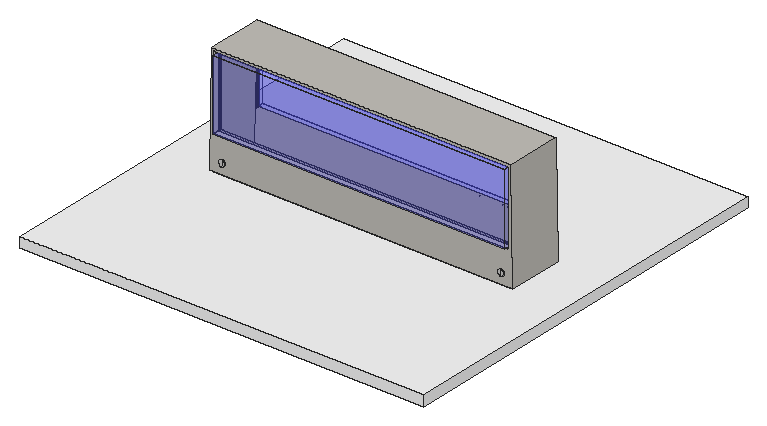
Revit family "BE_12278.4_de_DE", category Leuchten, Revit 2020
Family settings
  Basisbauteil = Fläche
  Bemaßung runder Anschluss = Durchmesser verwenden
  Teiletyp = Normal
  Beim Laden mit Abzugskörper schneiden = Ja
  Lichtquelle = Ja
  Gemeinsam genutzt = Nein
  Raumberechnungspunkt = Ja
Parameters (values of type "BEGA_12278.4_K3")
  built-in parameter 1150104 = 13.671 (stored number, unit not read)
  Wattage = 12.3 W
  Default Elevation = 0 mm
  built-in parameter 1150113 = 1 (stored number, unit not read)
  built-in parameter 1114218 = 1 (stored number, unit not read)
  Umgebungstemperatur = "25 °C"
  URL = "https://www.bega.com/de/produkt/12278.4"
  Typenkommentare = "© 2022 BEGA. Wir behalten uns das Recht vor, technische Änderungen ohne vorherige Ankündigung vorzunehmen."  # constant formula
  built-in parameter 1150134 = (empty or 0)
  built-in parameter 1150109 = 1 (stored number, unit not read)
  built-in parameter 1150110 = 1 (stored number, unit not read)
  Spannung = 239.996 V
  Sonderanfertigung = no
  Seriennummer [instance] = "Hier können Sie die eindeutige Seriennummer für das Facility Management eintragen."
  Schutzklasse = "I"
  Schutzart = "IP 20"
  Scheinlast = 0 VA
  Produktdatenblatt = "https://cdn.bega.com/bega/products/12278.4K3/current/documents/data-sheets/de"
  Oberflächentemperatur = ""
  Neigungswinkel = 0.00°
  Modell = "12278.4K3"
  Material_33 = BEGA_Oberfläche_Palladium_matt
  Material_11 = BEGA_Glas_opal
  Material_06 = BEGA_Oberfläche_Edelstahl_gebürstet
  Material_03 = BEGA_Oberfläche_Weiss_matt
  M_W = no
  M_G = no
  M_A = no
  Logo = 0
  built-in parameter 1114217 = 1 (stored number, unit not read)
  built-in parameter 1150139 = (empty or 0)
  built-in parameter 1150105 = 144.03 (stored number, unit not read)
  built-in parameter 1150114 = 1 (stored number, unit not read)
  Lumens = 1809.95 lm
  built-in parameter 1150115 = 1 (stored number, unit not read)
  Leuchtenlichtstrom = "1023 lm"
  Lebensdauerkriterien = "L70B50 @ 25 °C = 186000 h"
  Lastklassifizierung = Beleuchtung
  built-in parameter 1150112 = 1 (stored number, unit not read)
  Lampenlichtstrom = "1810 lm"
  Lampe = "LED 12.3 W"
  LED_Modulbezeichnung = "LED-0599/930"
  Hersteller = "BEGA"  # constant formula
  Gewicht = "1.6 kg"
  Frequenz = "0/50-60 Hz"
  Farbwiedergabeindex = "CRI > 90"
  Farbtemperaturverschiebung bei Dämpfen der Lampe = <Keine Auswahl>
  Farbtemperatur = "3000 K"
  Color Filter = 16777215
  built-in parameter 1150133 = 10 (stored number, unit not read)
  Energieeffizienzklasse = "LED A++ - A"
  built-in parameter 1150137 = (empty or 0)
  built-in parameter 1150132 = (empty or 0)
  ENEC = "ja"
  Dimmbar [instance] = "on/off"
  Datei für fotometrisches Netz = "BE_12278K3.IES"
  CE_Konformität = "ja"
  Bestellnummer = "12278.4K3"
  Beschreibung_Sonderanfertigung = "Hier können Sie Informationen zur Sonderanfertigung eintragen."
  Beschreibung = "Wandleuchte"
  built-in parameter 1150106 = 1.4403 (stored number, unit not read)
  Befestigungsbohrung = "Ø 4,5 mm"
  Befestigungsabstand = "276 mm"
  BEGA_Intern_aus = yes
  BEGA_Intern_an = yes
  BEGA_Intern_Konstruktion = yes
  BEGA_Intern = yes
  BEGA_IES = yes
  BEGA_Dummy = no
  Anschlussleistung [instance] = "15.4 W"
  built-in parameter 1150107 = 3000 (stored number, unit not read)
  built-in parameter 1150102 = (empty or 0)
  built-in parameter 1150138 = (empty or 0)
  Aktualisierung = "2022-11-10T04:00:03"
  AC/DC = "AC/DC"
Reference planes
  plane 1 "Mitte (Vorne/Hinten)": y = 0
  plane 2: z = 0
  plane 3 "Mitte (Links/Rechts)": x = 0
  plane 4 "Links": x = -150
  plane 5 "Rechts": x = 150
  plane 6 "Unten": y = -31.2
  plane 7 "Oben": y = 31.2
  plane 8 "Vorne": z = 110
  plane 9 "Hinten": z = 0
Forms (mm)
  Extrusion 1, solid, material "BEGA_Platte_Weiss"
    sketch origin (0, -1119.2, 0) x (1, 0, 0) y (0, 1, 0)
      loop
        line (-200, 1319.2) -> (-200, 919.2) -> (200, 919.2) -> (200, 1319.2) -> (-200, 1319.2)
    from 0 to -10
  Extrusion 2, solid, material "BEGA_Dummy_matt", visible <- "BEGA_Dummy"
    sketch origin (80.095, -76.023, 0) x (1, 0, 0) y (0, 1, 0)
      loop
        line (-230.095, 107.223) -> (-230.095, 44.823) -> (69.905, 44.823) -> (69.905, 107.223) -> (-230.095, 107.223)
    from 0 to 110
Dimensions and locks
  plane 1 "Mitte (Vorne/Hinten)" to Extrusion 1 = 200 mm
  aligned and locked: Extrusion 1 to plane 2
  aligned and locked: Extrusion 1 to level
Nested families
  nested 1: "BE_12278.4" at (0, 0, 0), type "BE_12278.4"
Connectors
  electrical at (0, 0, 0), driven by "Lastklassifizierung", driven by "Spannung", driven by "Scheinlast"
    settings: index 1, voltage 239.996 V, apparent load 0 VA, apparent load phase1 0 VA, apparent load phase2 0 VA, apparent load phase3 0 VA, power factor 1, load classification "Beleuchtung", number of poles 1, system type 31, power factor state 1, is connector primary yes, connector utility no, sub classification motor no, connector description ""
Definition of nested family "BE_12278.4"
  Parameters (values of type "BE_12278.4")
    Default Elevation = 1 mm
    URL = "http://www.bega.de/de/produkt"
    Type Comments = "© 2015 BEGA. Wir behalten uns das Recht vor, technische Änderungen ohne vorherige Ankündigung vorzunehmen. "  # constant formula
    Type Image = (empty or 0)
    Neigungswinkel_um_Z2 = 0.00°
    Neigungswinkel_um_Z1 = 0.00°
    Neigungswinkel_um_Y2 = 0.00°
    Neigungswinkel_um_Y1 = 0.00°
    Neigungswinkel_um_X2 = 0.00°
    Neigungswinkel_um_X1 = 0.00°
    Material_33 = none
    Material_11 = none
    Material_06 = none
    Material_03 = none
    M_W = yes
    M_G = yes
    M_A = yes
    Länge_Platte = 400 mm  # constant formula
    Höhe_Platte = -10 mm  # constant formula
    Manufacturer = "BEGA"  # constant formula
    Drehwinkel_um_Z2 = 0.00°
    Drehwinkel_um_Z1 = 0.00°
    Breite_Platte = 200 mm  # constant formula
  Reference planes
    plane 1 "Mitte (Oben/Unten)": y = 0
    plane 2: z = 0
    plane 3 "Mitte (Links/Rechts)": x = 0
    plane 4: z = 110
    plane 5: y = -31.2
    plane 6: y = 31.2
    plane 7: x = -150
    plane 8: z = 110
    plane 9: x = 150
  Forms (mm)
    Extrusion 1, solid, detail levels medium
      sketch origin (0, 0, 0) x (1, 0, 0) y (0, 1, 0)
        loop
          line (-200, 100) -> (-200, -100) -> (200, -100) -> (200, 100) -> (-200, 100)
      from 0 to -10 <- "Höhe_Platte"
    Extrusion 2, solid, material <- "Material_33", detail levels medium+fine
      sketch origin (0, 0, 0) x (1, 0, 0) y (0, 0, 1)
        loop
          line (-148.097, 110) -> (-150, 1) -> (-149, 1) -> (-146.951, 2.844) -> (-144.21, 107.5) -> (144.211, 107.5) -> (146.951, 2.844) -> (149, 1) -> (150, 1) -> (148.097, 110) -> (-148.097, 110)
      from -27.5 to 27.5
    Extrusion 3, solid, material <- "Material_33", detail levels medium+fine
      sketch origin (0, 0, 0) x (1, 0, 0) y (0, 0, 1)
        loop
          line (148.097, 110) -> (-148.097, 110) -> (-150, 1) -> (150, 1) -> (148.097, 110)
      from -27.5 to -23.02
    Extrusion 4, solid, material <- "Material_33", detail levels medium+fine
      sketch origin (0, 0, 0) x (1, 0, 0) y (0, 0, -1)
        loop
          line (148.097, -110) -> (150, -1) -> (-150, -1) -> (-148.097, -110) -> (148.097, -110)
      from -27.5 to -22.952
    Extrusion 5, void
      sketch origin (0, 0, 0) x (0, 1, 0) y (0, 0, 1)
        loop
          line (29.71, 104.057) -> (-30, 104.057) -> (-30, 37.397) -> (29.71, 37.397) -> (29.71, 104.057)
      from -142.436 to 142.436
    Extrusion 6, void
      sketch origin (0, 0, 0) x (1, 0, 0) y (0, 1, 0)
        loop
          circle (-95, 10) r 8
        loop
          circle (-75, 10) r 8
        loop
          arc (-140.25, -2.75) -> (-138, -5) -> (-135.75, -2.75) r 2.25
          line (-135.75, -2.75) -> (-135.75, 2.75)
          arc (-135.75, 2.75) -> (-138, 5) -> (-140.25, 2.75) r 2.25
          line (-140.25, 2.75) -> (-140.25, -2.75)
        loop
          arc (140.75, -2.25) -> (143, 0) -> (140.75, 2.25) r 2.25
          line (140.75, 2.25) -> (135.25, 2.25)
          arc (135.25, 2.25) -> (133, 0) -> (135.25, -2.25) r 2.25
          line (135.25, -2.25) -> (140.75, -2.25)
      from 0 to 4.5
    Extrusion 7, solid, material <- "Material_03", detail levels medium+fine
      sketch origin (0, 0, 0) x (0, 1, 0) y (0, 0, 1)
        loop
          line (27, 0) -> (27, 1) -> (24.5, 1)
          arc (24.5, 1) -> (23.923, 1.184) -> (23.557, 1.667) r 1
          arc (23.557, 1.667) -> (22.826, 2.633) -> (21.672, 3) r 2
          line (21.672, 3) -> (-21.672, 3)
          arc (-21.672, 3) -> (-22.826, 2.633) -> (-23.557, 1.667) r 2
          arc (-23.557, 1.667) -> (-23.923, 1.184) -> (-24.5, 1) r 1
          line (-24.5, 1) -> (-27, 1) -> (-27, 0) -> (-24.5, 0)
          arc (-24.5, 0) -> (-23.345, 0.367) -> (-22.614, 1.333) r 2
          arc (-22.614, 1.333) -> (-22.249, 1.816) -> (-21.672, 2) r 1
          line (-21.672, 2) -> (21.672, 2)
          arc (21.672, 2) -> (22.249, 1.816) -> (22.614, 1.333) r 1
          arc (22.614, 1.333) -> (23.345, 0.367) -> (24.5, 0) r 2
          line (24.5, 0) -> (27, 0)
      from -146.504 to 146.616
    Revolve 8, solid, material <- "Material_06", detail levels fine
      sketch origin (-138, 0, 0) x (0, 1, 0) y (0, 0, 1)
        loop
          line (-19.529, 10.861) -> (-19.477, 13.86) -> (-27.532, 14.001) -> (-27.584, 11.001) -> (-19.529, 10.861)
        axis (-19.529, 10.861) -> (-27.584, 11.001)
      angle from 0 to 360
    Sweep 9, void
      path origin (0, 0, 0) x (1, 0, 0) y (0, 0, 1)
        loop
          line (142.43, 104.057) -> (-142.43, 104.057) -> (-142.43, 37.397) -> (142.43, 37.397) -> (142.43, 104.057)
      profile origin (0, 0, 104.057) x (0, 0, -1) y (0, -1, 0)
        loop
          line (-1.878, 23.2) -> (21.239, 23.2) -> (21.239, 29.023) -> (-3.997, 29.023) -> (-1.878, 23.2)
    Extrusion 10, solid, material <- "Material_11", detail levels medium+fine
      sketch origin (0, 0, 0) x (0, 1, 0) y (0, 0, 1)
        loop
          line (31.2, 106) -> (23.2, 106) -> (23.2, 35.5) -> (31.2, 35.5) -> (31.2, 106)
      from -144.308 to 144.308
    Sweep 11, void
      path origin (0, 0, 0) x (1, 0, 0) y (0, 0, -1)
        loop
          line (142.43, -104.057) -> (142.43, -37.397) -> (-142.43, -37.397) -> (-142.43, -104.057) -> (142.43, -104.057)
      profile origin (0, 0, 104.057) x (0, 0, 1) y (0, 1, 0)
        loop
          line (1.878, 23.2) -> (3.997, 29.023) -> (-21.239, 29.023) -> (-21.239, 23.2) -> (1.878, 23.2)
    Extrusion 12, solid, material <- "Material_11", detail levels medium+fine
      sketch origin (0, 0, 0) x (0, -1, 0) y (0, 0, -1)
        loop
          line (31.2, -106) -> (31.2, -35.5) -> (23.2, -35.5) -> (23.2, -106) -> (31.2, -106)
      from -144.308 to 144.308
    Revolve 13, solid, material <- "Material_06", detail levels fine
      sketch origin (138, 0, 0) x (0, 1, 0) y (0, 0, -1)
        loop
          line (-19.529, -10.861) -> (-27.584, -11.001) -> (-27.532, -14.001) -> (-19.477, -13.86) -> (-19.529, -10.861)
        axis (-19.529, -10.861) -> (-27.584, -11.001)
      angle from 0 to 360
  Cuts and joins
    Extrusion 5, Sweep 9, Sweep 11 cuts Extrusion 2
    Extrusion 5, Sweep 9, Sweep 11 cuts Extrusion 3
    Extrusion 5, Sweep 9, Sweep 11 cuts Extrusion 4
    joined: Extrusion 2, Extrusion 3, Extrusion 4
    Extrusion 6 cuts Extrusion 7
  Dimensions and locks
    equal spacing: Extrusion 1 sketch curve, plane 3 "Mitte (Links/Rechts)", Extrusion 1 sketch curve
    equal spacing: Extrusion 1 sketch curve, plane 1 "Mitte (Oben/Unten)", Extrusion 1 sketch curve
    "Länge_Platte": Extrusion 1 sketch curve to Extrusion 1 sketch curve
    "Breite_Platte": Extrusion 1 sketch curve to Extrusion 1 sketch curve
    aligned and locked: plane 2 to Extrusion 1
    aligned and locked: level to Extrusion 1
  Automatic sketch dimensions
    Extrusion 2 sketch curve to plane 4 = 0 mm
    level to Extrusion 2 sketch curve = 1 mm  (x2)
    Extrusion 2 sketch curve to Extrusion 2 sketch curve = 1 mm  (x2)
    level to Extrusion 2 sketch curve = 2.844 mm  (x2)
    Extrusion 2 sketch curve to Extrusion 2 sketch curve = 2.048 mm  (x2)
    Extrusion 2 sketch curve to Extrusion 2 sketch curve = 3.887 mm  (x2)
    plane 4 to Extrusion 2 sketch curve = 2.5 mm
    Extrusion 3 sketch curve to plane 4 = 0 mm
    level to Extrusion 3 sketch curve = 1 mm
    Extrusion 4 sketch curve to plane 4 = 0 mm
    level to Extrusion 4 sketch curve = 1 mm
    plane 5 to Extrusion 5 sketch curve = 1.2 mm
    plane 6 to Extrusion 5 sketch curve = 1.49 mm
    level to Extrusion 5 sketch curve = 37.397 mm
    plane 4 to Extrusion 5 sketch curve = 5.943 mm
    plane 1 "Mitte (Oben/Unten)" to Extrusion 6 sketch curve = 0 mm
    plane 1 "Mitte (Oben/Unten)" to Extrusion 6 sketch curve = 2.75 mm
    Extrusion 6 sketch curve to Extrusion 6 sketch curve = 2.25 mm
    Extrusion 6 sketch curve to Extrusion 6 sketch curve = 20 mm
    plane 1 "Mitte (Oben/Unten)" to Extrusion 6 sketch curve = 2.25 mm
    Extrusion 6 sketch curve to Extrusion 6 sketch curve = 5.5 mm
    Extrusion 6 sketch curve to plane 1 "Mitte (Oben/Unten)" = 2.75 mm
    Extrusion 6 sketch curve to plane 1 "Mitte (Oben/Unten)" = 10 mm  (x2)
    Extrusion 7 sketch curve to Extrusion 7 sketch curve = 0 mm  (x12)
    Extrusion 7 sketch curve to level = 0 mm  (x2)
    level to Extrusion 7 sketch curve = 1 mm  (x4)
    plane 5 to Extrusion 7 sketch curve = 4.2 mm
    Extrusion 7 sketch curve to Extrusion 7 sketch curve = 2.5 mm  (x2)
    Extrusion 7 sketch curve to Extrusion 7 sketch curve = 2.828 mm  (x2)
    level to Extrusion 7 sketch curve = 3 mm
    plane 6 to Extrusion 7 sketch curve = 9.528 mm
    Extrusion 7 sketch curve to Extrusion 7 sketch curve = 1 mm  (x3)
    Extrusion 7 sketch curve to Extrusion 7 sketch curve = 0.943 mm  (x4)
    plane 5 to Revolve 8 sketch curve = 3.616 mm
    Revolve 8 sketch curve to Revolve 8 sketch curve = 0.052 mm  (x2)
    Revolve 8 sketch curve to Revolve 8 sketch curve = 8.055 mm
    level to Revolve 8 sketch curve = 10.861 mm
    Revolve 8 sketch curve to Revolve 8 sketch curve = 0.141 mm
    Revolve 8 sketch curve to Revolve 8 sketch curve = 3 mm
    Revolve 8 sketch curve to Revolve 8 sketch curve = 2.999 mm
    Revolve 8 sketch curve to Revolve 8 sketch curve = 2.905 mm
    Revolve 8 sketch curve to Revolve 8 sketch curve = 6.963 mm
    Revolve 8 sketch curve to Revolve 8 sketch curve = 0.122 mm
    Revolve 8 sketch curve to Revolve 8 sketch curve = 0.051 mm
    plane 4 to Sweep 9 sketch curve = 5.943 mm
    level to Sweep 9 sketch curve = 37.397 mm
    profile plane to Sweep 9 sketch curve = 3.997 mm
    profile plane to Sweep 9 sketch curve = 1.878 mm
    Sweep 9 sketch curve to profile plane = 21.239 mm
    plane 1 "Mitte (Oben/Unten)" to Sweep 9 sketch curve = 23.2 mm
    Sweep 9 sketch curve to Sweep 9 sketch curve = 5.823 mm
    Extrusion 10 sketch curve to plane 6 = 0 mm
    plane 6 to Extrusion 10 sketch curve = 8 mm
    level to Extrusion 10 sketch curve = 35.5 mm
    plane 4 to Extrusion 10 sketch curve = 4 mm
    plane 4 to Sweep 11 sketch curve = 5.943 mm
    level to Sweep 11 sketch curve = 37.397 mm
    profile plane to Sweep 11 sketch curve = 21.239 mm
    Sweep 11 sketch curve to profile plane = 1.878 mm
    Sweep 11 sketch curve to profile plane = 3.997 mm
    profile plane to Sweep 11 sketch curve = 23.2 mm
    Sweep 11 sketch curve to Sweep 11 sketch curve = 5.823 mm
    Extrusion 12 sketch curve to plane 5 = 0 mm
    Extrusion 12 sketch curve to Extrusion 12 sketch curve = 8 mm
    Extrusion 12 sketch curve to level = 35.5 mm
    Extrusion 12 sketch curve to plane 4 = 4 mm
    plane 5 to Revolve 13 sketch curve = 3.616 mm
    Revolve 13 sketch curve to Revolve 13 sketch curve = 0.052 mm  (x2)
    Revolve 13 sketch curve to Revolve 13 sketch curve = 8.055 mm
    level to Revolve 13 sketch curve = 14.001 mm
    Revolve 13 sketch curve to Revolve 13 sketch curve = 0.141 mm
    Revolve 13 sketch curve to Revolve 13 sketch curve = 2.999 mm
    Revolve 13 sketch curve to Revolve 13 sketch curve = 3 mm
    Revolve 13 sketch curve to Revolve 13 sketch curve = 2.905 mm
    Revolve 13 sketch curve to Revolve 13 sketch curve = 6.963 mm
    Revolve 13 sketch curve to Revolve 13 sketch curve = 0.051 mm
    Revolve 13 sketch curve to Revolve 13 sketch curve = 0.122 mm
    plane 3 "Mitte (Links/Rechts)" to Extrusion 2 sketch curve = 144.211 mm
    Extrusion 2 sketch curve to Extrusion 2 sketch curve = 2.74 mm
    plane 3 "Mitte (Links/Rechts)" to Extrusion 3 sketch curve = 148.097 mm
    Extrusion 3 sketch curve to Extrusion 3 sketch curve = 1.903 mm
    plane 3 "Mitte (Links/Rechts)" to Extrusion 4 sketch curve = 148.097 mm
    Extrusion 4 sketch curve to Extrusion 4 sketch curve = 1.903 mm
    plane 3 "Mitte (Links/Rechts)" to Extrusion 6 sketch curve = 135.25 mm
    plane 3 "Mitte (Links/Rechts)" to Sweep 9 sketch curve = 142.43 mm
    plane 3 "Mitte (Links/Rechts)" to Sweep 11 sketch curve = 142.43 mm
    plane 7 to Extrusion 2 sketch curve = 0 mm
    Extrusion 2 sketch curve to plane 7 = 1.903 mm
    plane 7 to Extrusion 3 sketch curve = 0 mm
    Extrusion 3 sketch curve to plane 7 = 1.903 mm
    plane 7 to Extrusion 4 sketch curve = 0 mm
    Extrusion 4 sketch curve to plane 7 = 1.903 mm
    Extrusion 6 sketch curve to plane 3 "Mitte (Links/Rechts)" = 75 mm
    Extrusion 6 sketch curve to plane 7 = 14.25 mm
    Sweep 9 sketch curve to plane 7 = 7.57 mm
    Sweep 11 sketch curve to plane 7 = 7.57 mm
    radius of Extrusion 6 sketch curve = 8 mm  (x2)
